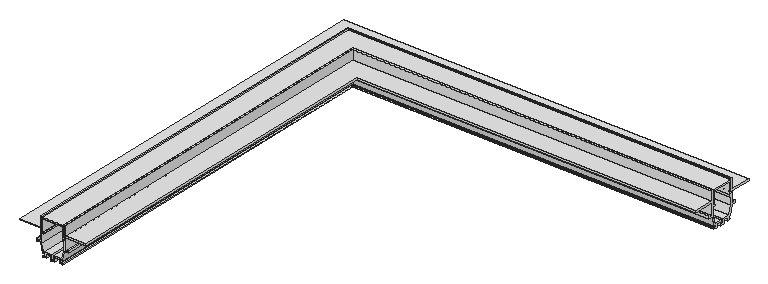
Revit family "ARKOSLIGHT_Bright Line Corner One Plane", category Lighting Fixtures, host Face, Revit 2019
Family settings
  Host = Face
  Round Connector Dimension = Use Diameter
  Part Type = Normal
  Cut with Voids When Loaded = No
  Light Source = No
  Shared = No
  Room Calculation Point = No
Parameters (values of type "A3030071W - BRIGHT LINE CORNER 90º ONE PLANE A POL 3000K W")
  URL = "https://www.arkoslight.com/en/product/bline-es/bline2-es/"
  Model = ARKOSLIGHT_Model  # "BRIGHT LINE"
  Manufacturer = "ARKOSLIGHT"  # constant formula
  IES2 = IES2 : A3030071W - BRIGHT LINE CORNER 90º ONE PLANE A POL 3000K W
  IES1 = IES1 : A3030071W - BRIGHT LINE CORNER 90º ONE PLANE A POL 3000K W
  ARKOSLIGHT_Wattage = 14 W
  ARKOSLIGHT_IP = "20"
  ARKOSLIGHT_Series = "BRIGHT LINE"  # constant formula
  ARKOSLIGHT_Dimming = "No Dim | DALI | Push"
  ARKOSLIGHT_Model = "BRIGHT LINE"  # constant formula
  ARKOSLIGHT_Reference = "A3030071W"
  ARKOSLIGHT_Luminous flux = 1230 lm
  ARKOSLIGHT_IES = "A3030021 BRIGHT LINE 500 3000K CRI90.ies"
  ARKOSLIGHT_Color = "Matt white"
  ARKOSLIGHT_Fixture Type = "CUSTOM SYSTEMS"  # constant formula
  ARKOSLIGHT_Efficiency = "43%"
  ARKOSLIGHT_CCT = 3000 K
  ARKOSLIGHT_CRI = "CRI>90"
  ARKOSLIGHT_Beam Angle = 110.00°
  Default Elevation = 0 mm
  Apparent Load = ARKOSLIGHT_Apparent Load  # 11.5 VA
  ARKOSLIGHT_Apparent Load = 11.5 VA
Types (4, lengths in mm): name | IES2 | IES1 | ARKOSLIGHT_Reference | ARKOSLIGHT_Luminous flux | ARKOSLIGHT_IES | ARKOSLIGHT_CCT
  A3030071W - BRIGHT LINE CORNER 90º ONE PLANE A POL 3000K W | IES2 : A3030071W - BRIGHT LINE CORNER 90º ONE PLANE A POL 3000K W | IES1 : A3030071W - BRIGHT LINE CORNER 90º ONE PLANE A POL 3000K W | "A3030071W" | 1230 lm | "A3030021 BRIGHT LINE 500 3000K CRI90.ies" | 3000 K
  A3030072W - BRIGHT LINE CORNER 90º ONE PLANE A POL 4000K W | IES2 : A3030072W - BRIGHT LINE CORNER 90º ONE PLANE A POL 4000K W | IES1 : A3030072W - BRIGHT LINE CORNER 90º ONE PLANE A POL 4000K W | "A3030072W" | 1250 lm | "A3030022 BRIGHT LINE 500 4000K CRI90.ies" | 4000 K
  A3030081W - BRIGHT LINE CORNER 90º ONE PLANE B POL 3000K W | IES2 : A3030081W - BRIGHT LINE CORNER 90º ONE PLANE B POL 3000K W | IES1 : A3030081W - BRIGHT LINE CORNER 90º ONE PLANE B POL 3000K W | "A3030081W" | 1230 lm | "A3030021 BRIGHT LINE 500 3000K CRI90.ies" | 3000 K
  A3030082W - BRIGHT LINE CORNER 90º ONE PLANE B POL 4000K W | IES2 : A3030082W - BRIGHT LINE CORNER 90º ONE PLANE B POL 4000K W | IES1 : A3030082W - BRIGHT LINE CORNER 90º ONE PLANE B POL 4000K W | "A3030082W" | 1250 lm | "A3030022 BRIGHT LINE 500 4000K CRI90.ies" | 4000 K
Reference planes
  plane 1 "Center (Front/Back)": y = 0
  plane 2: z = 0
  plane 3 "Center (Left/Right)": x = 138.5
  plane 4: x = 402
  plane 5: x = -125
  plane 6: y = 17.099
  plane 7: y = -17.099
  plane 8: z = 0.5
  plane 9: x = -91
  plane 10: x = -108
  plane 11: y = -509.901
Forms (mm)
  Extrusion 1, void
    sketch origin (0, 0, 0) x (1, 0, 0) y (0, 1, 0)
      loop
        line (-125, 17.099) -> (-125, -509.901) -> (-91, -509.901) -> (-91, -17.099) -> (402, -17.099) -> (402, 17.099) -> (-125, 17.099)
    from 0 to -13
  Sweep 2, solid, material "ARKOSLIGHT_Textured white"
    path origin (0, 0, 0) x (1, 0, 0) y (0, 1, 0)
      loop
        line (402, 0) -> (-108, 0) -> (-108, -509.901)
    profile origin (147, 0, 0) x (0, -1, 0) y (0, 0, 1)
      loop
        line (-17.099, 0.5) -> (-17.099, -12.513) -> (-45.002, -12.513) -> (-45.002, -14.515) -> (-17.099, -14.515) -> (-17.099, -30.3) -> (-20.624, -30.3) -> (-20.624, -28.322) -> (-22.12, -28.322) -> (-22.12, -31.803) -> (-16.569, -31.803) -> (-13.584, -44.013) -> (-10.805, -44.013) -> (-10.805, -47.517) -> (-13.587, -47.517) -> (-13.587, -48.501) -> (-9.292, -48.501) -> (-9.292, -44.013) -> (-2.819, -44.013) -> (-2.819, -49.528) -> (2.819, -49.528) -> (2.819, -44.013) -> (9.292, -44.013) -> (9.292, -48.501) -> (13.587, -48.501) -> (13.587, -47.517) -> (10.805, -47.517) -> (10.805, -44.013) -> (13.584, -44.013) -> (16.569, -31.803) -> (22.12, -31.803) -> (22.12, -28.322) -> (20.624, -28.322) -> (20.624, -30.3) -> (17.099, -30.3) -> (17.099, -14.515) -> (45.002, -14.515) -> (45.002, -12.513) -> (17.099, -12.513) -> (17.099, 0.5) -> (15.097, 0.5) -> (15.097, -14.532) -> (16.208, -15.288) -> (15.097, -17.476) -> (15.097, -18.617) -> (13.253, -18.617) -> (13.253, -20.127) -> (15.097, -20.127) -> (15.097, -31.505) -> (12.407, -42.513) -> (1.319, -42.513) -> (1.319, -48.028) -> (-1.319, -48.028) -> (-1.319, -42.513) -> (-12.407, -42.513) -> (-15.097, -31.505) -> (-15.097, -20.127) -> (-13.253, -20.127) -> (-13.253, -18.617) -> (-15.097, -18.617) -> (-15.097, -17.476) -> (-16.208, -15.288) -> (-15.097, -14.532) -> (-15.097, 0.5) -> (-17.099, 0.5)
  Sweep 3, solid, material "ARKOSLIGHT_Light"
    path origin (0, 0, 0) x (1, 0, 0) y (0, 1, 0)
      loop
        line (402, 0) -> (-108, 0) -> (-108, -509.901)
    profile origin (147, 0, 0) x (0, -1, 0) y (0, 0, 1)
      loop
        line (14.895, 0.011) -> (-14.895, 0.011) -> (-14.895, -14.482) -> (-16.079, -15.288) -> (-14.711, -17.983) -> (-13.693, -17.983) -> (-13.693, -1.98) -> (13.693, -1.98) -> (13.693, -17.983) -> (14.711, -17.983) -> (16.079, -15.288) -> (14.895, -14.482) -> (14.895, 0.011)
Lines and regions (mm)
  Masking region 1
    outline origin (0, 0, 0) x (1, 0, 0) y (0, 1, 0)
      loop
        line (-125, 17.099) -> (-125, -509.901) -> (-91, -509.901) -> (-91, -17.099) -> (402, -17.099) -> (402, 17.099) -> (-125, 17.099)
  symbolic lines
    curve 1: line (-123.097, 15.097, 0) -> (402, 15.097, 0)
    curve 2: line (402, -15.097, 0) -> (-92.903, -15.097, 0)
    curve 3: line (-92.903, -509.901, 0) -> (-92.903, -15.097, 0)
    curve 4: line (-123.097, -509.901, 0) -> (-123.097, 15.097, 0)
Dimensions and locks
  locked: plane 5 to plane 4 at 527
  equal spacing: plane 6, plane 1 "Center (Front/Back)", plane 7
  locked: plane 6 to plane 7 at 34.199
  equal spacing: plane 5, plane 3 "Center (Left/Right)", plane 4
  locked: plane 8 to plane 2 at 0.5
  equal spacing: plane 5, plane 10, plane 9
  locked: plane 5 to plane 9 at 34
  locked: plane 6 to plane 11 at 527
  aligned and locked: plane 2 to host face
  aligned and locked: level to host face
  aligned and locked: Extrusion 1 sketch curve to plane 6
  aligned and locked: plane 5 to Extrusion 1 sketch curve
  aligned and locked: Extrusion 1 sketch curve to plane 7
  aligned and locked: plane 4 to Extrusion 1 sketch curve
  aligned and locked: plane 4 to curve 1
  aligned and locked: plane 4 to curve 2
  aligned and locked: plane 4 to Sweep 2 sketch curve
  aligned and locked: Sweep 2 sketch curve to plane 1 "Center (Front/Back)"
  aligned and locked: Sweep 2 sketch curve to plane 10
  aligned and locked: Extrusion 1 sketch curve to plane 11
  aligned and locked: plane 9 to Extrusion 1 sketch curve
  aligned and locked: plane 11 to Sweep 2 sketch curve
  aligned and locked: Sweep 3 sketch curve to plane 1 "Center (Front/Back)"
  aligned and locked: plane 10 to Sweep 3 sketch curve
  aligned and locked: plane 11 to Sweep 3 sketch curve
  aligned and locked: plane 4 to Sweep 3 sketch curve
  aligned and locked: Masking region 1 sketch curve to plane 11
  aligned and locked: plane 9 to Masking region 1 sketch curve
  aligned and locked: curve 3 to Sweep 2
  aligned and locked: curve 4 to Sweep 2
  aligned and locked: plane 11 to curve 4
  aligned and locked: plane 11 to curve 3
Automatic sketch dimensions
  host sketch curve to host sketch curve = 1110.118 mm
  host sketch curve to host sketch curve = 871.399 mm
  Sweep 2 sketch curve to level = 14.515 mm
  profile plane to Sweep 2 sketch curve = 45.002 mm
  profile plane to Sweep 2 sketch curve = 22.12 mm
  Sweep 2 sketch curve to Sweep 2 sketch curve = 1.496 mm  (x2)
  Sweep 2 sketch curve to Sweep 2 sketch curve = 3.525 mm  (x2)
  Sweep 2 sketch curve to Sweep 2 sketch curve = 0 mm  (x4)
  Sweep 2 sketch curve to Sweep 2 sketch curve = 0.531 mm
  Sweep 2 sketch curve to Sweep 2 sketch curve = 0.892 mm  (x2)
  Sweep 2 sketch curve to Sweep 2 sketch curve = 1.111 mm  (x3)
  profile plane to Sweep 2 sketch curve = 13.587 mm
  Sweep 2 sketch curve to Sweep 2 sketch curve = 0.003 mm
  Sweep 2 sketch curve to Sweep 2 sketch curve = 1.844 mm  (x3)
  Sweep 2 sketch curve to Sweep 2 sketch curve = 1.178 mm  (x2)
  Sweep 2 sketch curve to Sweep 2 sketch curve = 1.601 mm  (x2)
  Sweep 2 sketch curve to Sweep 2 sketch curve = 1.514 mm  (x2)
  profile plane to Sweep 2 sketch curve = 2.819 mm
  profile plane to Sweep 2 sketch curve = 1.319 mm
  Sweep 2 sketch curve to profile plane = 1.319 mm
  Sweep 2 sketch curve to Sweep 2 sketch curve = 1.5 mm  (x5)
  Sweep 2 sketch curve to Sweep 2 sketch curve = 6.472 mm
  Sweep 2 sketch curve to profile plane = 13.253 mm
  Sweep 2 sketch curve to Sweep 2 sketch curve = 2.782 mm
  level to Sweep 2 sketch curve = 0.5 mm  (x2)
  Sweep 2 sketch curve to profile plane = 15.097 mm
  Sweep 2 sketch curve to Sweep 2 sketch curve = 1.471 mm
  Sweep 2 sketch curve to Sweep 2 sketch curve = 2.002 mm  (x3)
  Sweep 2 sketch curve to Sweep 2 sketch curve = 22.881 mm
  Sweep 2 sketch curve to Sweep 2 sketch curve = 0.017 mm
  Sweep 2 sketch curve to level = 14.532 mm
  Sweep 2 sketch curve to Sweep 2 sketch curve = 0.773 mm  (x2)
  Sweep 2 sketch curve to Sweep 2 sketch curve = 0.756 mm
  Sweep 2 sketch curve to Sweep 2 sketch curve = 2.188 mm  (x2)
  Sweep 2 sketch curve to Sweep 2 sketch curve = 1.142 mm  (x2)
  Sweep 2 sketch curve to Sweep 2 sketch curve = 1.51 mm  (x2)
  Sweep 2 sketch curve to Sweep 2 sketch curve = 8.196 mm  (x2)
  Sweep 2 sketch curve to Sweep 2 sketch curve = 1.978 mm  (x2)
  Sweep 2 sketch curve to Sweep 2 sketch curve = 1.205 mm  (x2)
  Sweep 2 sketch curve to Sweep 2 sketch curve = 1.503 mm
  Sweep 2 sketch curve to Sweep 2 sketch curve = 0.298 mm
  Sweep 2 sketch curve to Sweep 2 sketch curve = 11.008 mm
  Sweep 2 sketch curve to Sweep 2 sketch curve = 3.503 mm  (x2)
  Sweep 2 sketch curve to Sweep 2 sketch curve = 4.015 mm
  Sweep 2 sketch curve to Sweep 2 sketch curve = 0.984 mm  (x2)
  Masking region 1 sketch curve to plane 4 = 0 mm
  Masking region 1 sketch curve to plane 7 = 0 mm
  Masking region 1 sketch curve to plane 6 = 0 mm
  profile plane to Sweep 3 sketch curve = 16.079 mm
  Sweep 3 sketch curve to Sweep 3 sketch curve = 1.184 mm  (x2)
  Sweep 3 sketch curve to Sweep 3 sketch curve = 1.368 mm
  Sweep 3 sketch curve to level = 1.98 mm
  Sweep 3 sketch curve to Sweep 3 sketch curve = 1.201 mm  (x2)
  Sweep 3 sketch curve to profile plane = 13.693 mm
  Sweep 3 sketch curve to Sweep 3 sketch curve = 1.017 mm
  Sweep 3 sketch curve to level = 14.482 mm  (x2)
  Sweep 3 sketch curve to Sweep 3 sketch curve = 0.806 mm  (x2)
  Sweep 3 sketch curve to Sweep 3 sketch curve = 2.695 mm  (x2)
  Sweep 3 sketch curve to Sweep 3 sketch curve = 1.992 mm
  Masking region 1 sketch curve to plane 5 = 0 mm
  plane 7 to curve 3 = 2.002 mm
  curve 1 to plane 6 = 2.002 mm
Nested families
  nested 1: "IES1" at (293.05, -0.097, 0.5) x (-1, 0, 0) z (0, 0, 1), type <- "IES1", type "A3030071W - BRIGHT LINE CORNER 90º ONE PLANE A POL 3000K W"
  nested 2: "IES2" at (-107.903, -108.901, 0.5) x (0, -1, 0) z (0, 0, 1), type <- "IES2", type "A3030071W - BRIGHT LINE CORNER 90º ONE PLANE A POL 3000K W"
Connectors
  electrical at (0, 0, 0), driven by "Apparent Load"
    settings: on host face, index 1, voltage 230 V, apparent load 0 VA, apparent load phase1 11.5 VA, apparent load phase2 0 VA, apparent load phase3 0 VA, power factor 1, load classification "Lighting", number of poles 1, system type 31, power factor state 1, is connector primary yes, connector utility no, sub classification motor no, connector description ""
Definition of nested family "IES1"
  Parameters (values of type "A3030082W - BRIGHT LINE CORNER 90º ONE PLANE B POL 4000K W")
    Wattage = 625 W
    built-in parameter 1150110 = 1 (stored number, unit not read)
    URL = "https://www.arkoslight.com/en/product/bline-es/bline2-es/"
    built-in parameter 1114217 = 1 (stored number, unit not read)
    built-in parameter 1150109 = 1 (stored number, unit not read)
    built-in parameter 1150134 = (empty or 0)
    built-in parameter 1150113 = 1 (stored number, unit not read)
    Model = ARKOSLIGHT_Model  # "BRIGHT LINE"
    Manufacturer = "ARKOSLIGHT"  # constant formula
    Light Source Symbol Size = 50 mm  # constant formula
    Emit from Rectangle Width = 30 mm  # constant formula
    Emit from Rectangle Length = 494.9 mm  # constant formula
    Emit Shape Visible in Rendering = no
    ARKOSLIGHT_Wattage = 14 W
    ARKOSLIGHT_IP = "20"
    ARKOSLIGHT_Series = "BRIGHT LINE"  # constant formula
    ARKOSLIGHT_Dimming = "No Dim | DALI | Push"
    ARKOSLIGHT_Model = "BRIGHT LINE"  # constant formula
    ARKOSLIGHT_Reference = "A3030082W"
    ARKOSLIGHT_Luminous flux = 1250 lm
    ARKOSLIGHT_IES = "A3030022 BRIGHT LINE 500 4000K CRI90.ies"
    ARKOSLIGHT_Fixture Type = "CUSTOM SYSTEMS"  # constant formula
    ARKOSLIGHT_Efficiency = "43%"
    ARKOSLIGHT_CCT = 4000 K
    ARKOSLIGHT_CRI = "CRI>90"
    ARKOSLIGHT_Beam Angle = 110.00°
    built-in parameter 1150105 = 198.94 (stored number, unit not read)
    Lumens = 625 lm
    built-in parameter 1150115 = 1 (stored number, unit not read)
    built-in parameter 1150137 = (empty or 0)
    built-in parameter 1150139 = (empty or 0)
    built-in parameter 1150112 = 1 (stored number, unit not read)
    built-in parameter 1150114 = 1 (stored number, unit not read)
    built-in parameter 1150132 = 2
    built-in parameter 1150102 = (empty or 0)
    built-in parameter 1150107 = 4000 (stored number, unit not read)
    built-in parameter 1150138 = (empty or 0)
    built-in parameter 1150106 = 1.9894 (stored number, unit not read)
    built-in parameter 1150104 = 0.092903 (stored number, unit not read)
    Dimming Lamp Color Temperature Shift = (empty or 0)
    Default Elevation = 0 mm
    Color Filter = 16777215
    built-in parameter 1114218 = 1 (stored number, unit not read)
    built-in parameter 1150133 = 10 (stored number, unit not read)
    Apparent Load = ARKOSLIGHT_Apparent Load  # 11.5 VA
    ARKOSLIGHT_Apparent Load = 11.5 VA
  Types (4, lengths in mm): name | Wattage | ARKOSLIGHT_Reference | ARKOSLIGHT_Luminous flux | ARKOSLIGHT_IES | ARKOSLIGHT_CCT | built-in parameter 1150105 | Lumens | built-in parameter 1150107 | built-in parameter 1150106
    A3030071W - BRIGHT LINE CORNER 90º ONE PLANE A POL 3000K W | 615 W | "A3030071W" | 1230 lm | "A3030021 BRIGHT LINE 500 3000K CRI90.ies" | 3000 K | 195.76 (stored number, unit not read) | 615 lm | 3000 (stored number, unit not read) | 1.9576 (stored number, unit not read)
    A3030072W - BRIGHT LINE CORNER 90º ONE PLANE A POL 4000K W | 625 W | "A3030072W" | 1250 lm | "A3030022 BRIGHT LINE 500 4000K CRI90.ies" | 4000 K | 198.94 (stored number, unit not read) | 625 lm | 4000 (stored number, unit not read) | 1.9894 (stored number, unit not read)
    A3030081W - BRIGHT LINE CORNER 90º ONE PLANE B POL 3000K W | 615 W | "A3030081W" | 1230 lm | "A3030021 BRIGHT LINE 500 3000K CRI90.ies" | 3000 K | 195.76 (stored number, unit not read) | 615 lm | 3000 (stored number, unit not read) | 1.9576 (stored number, unit not read)
    A3030082W - BRIGHT LINE CORNER 90º ONE PLANE B POL 4000K W | 625 W | "A3030082W" | 1250 lm | "A3030022 BRIGHT LINE 500 4000K CRI90.ies" | 4000 K | 198.94 (stored number, unit not read) | 625 lm | 4000 (stored number, unit not read) | 1.9894 (stored number, unit not read)
  Reference planes
    plane 1 "Center (Front/Back)": y = 0
    plane 2: z = 0
    plane 3 "Center (Left/Right)": x = 138.5
    plane 4: z = 0.5
  Forms (mm)
    Extrusion 1, solid
      sketch origin (0, 0, 0) x (1, 0, 0) y (0, 1, 0)
        loop
          line (-430.118, 317.249) -> (-430.118, -554.149) -> (680, -554.149) -> (680, 317.249) -> (-430.118, 317.249)
      from 0 to -12.5
  Dimensions and locks
    locked: plane 4 to plane 2 at 0.5
    aligned and locked: plane 2 to Extrusion 1
    aligned and locked: level to Extrusion 1
    aligned and locked: imposter light to plane 4
    aligned and locked: imposter light to plane 3 "Center (Left/Right)"
Definition of nested family "IES2"
  Parameters (values of type "A3030082W - BRIGHT LINE CORNER 90º ONE PLANE B POL 4000K W")
    Wattage = 625 W
    built-in parameter 1150110 = 1 (stored number, unit not read)
    URL = "https://www.arkoslight.com/en/product/bline-es/bline2-es/"
    built-in parameter 1114217 = 1 (stored number, unit not read)
    built-in parameter 1150109 = 1 (stored number, unit not read)
    built-in parameter 1150134 = (empty or 0)
    built-in parameter 1150113 = 1 (stored number, unit not read)
    Model = ARKOSLIGHT_Model  # "BRIGHT LINE"
    Manufacturer = "ARKOSLIGHT"  # constant formula
    Light Source Symbol Size = 50 mm  # constant formula
    Emit from Rectangle Width = 30 mm  # constant formula
    Emit from Rectangle Length = 525 mm  # constant formula
    Emit Shape Visible in Rendering = no
    ARKOSLIGHT_Wattage = 14 W
    ARKOSLIGHT_IP = "20"
    ARKOSLIGHT_Series = "BRIGHT LINE"  # constant formula
    ARKOSLIGHT_Dimming = "No Dim | DALI | Push"
    ARKOSLIGHT_Model = "BRIGHT LINE"  # constant formula
    ARKOSLIGHT_Reference = "A3030082W"
    ARKOSLIGHT_Luminous flux = 1250 lm
    ARKOSLIGHT_IES = "A3030022 BRIGHT LINE 500 4000K CRI90.ies"
    ARKOSLIGHT_Fixture Type = "CUSTOM SYSTEMS"  # constant formula
    ARKOSLIGHT_Efficiency = "43%"
    ARKOSLIGHT_CCT = 4000 K
    ARKOSLIGHT_CRI = "CRI>90"
    ARKOSLIGHT_Beam Angle = 110.00°
    built-in parameter 1150105 = 198.94 (stored number, unit not read)
    Lumens = 625 lm
    built-in parameter 1150115 = 1 (stored number, unit not read)
    built-in parameter 1150137 = (empty or 0)
    built-in parameter 1150139 = (empty or 0)
    built-in parameter 1150112 = 1 (stored number, unit not read)
    built-in parameter 1150114 = 1 (stored number, unit not read)
    built-in parameter 1150132 = 2
    built-in parameter 1150102 = (empty or 0)
    built-in parameter 1150107 = 4000 (stored number, unit not read)
    built-in parameter 1150138 = (empty or 0)
    built-in parameter 1150106 = 1.9894 (stored number, unit not read)
    built-in parameter 1150104 = 0.092903 (stored number, unit not read)
    Dimming Lamp Color Temperature Shift = (empty or 0)
    Default Elevation = 0 mm
    Color Filter = 16777215
    built-in parameter 1114218 = 1 (stored number, unit not read)
    built-in parameter 1150133 = 10 (stored number, unit not read)
    Apparent Load = ARKOSLIGHT_Apparent Load  # 11.5 VA
    ARKOSLIGHT_Apparent Load = 11.5 VA
  Types (4, lengths in mm): name | Wattage | ARKOSLIGHT_Reference | ARKOSLIGHT_Luminous flux | ARKOSLIGHT_IES | ARKOSLIGHT_CCT | built-in parameter 1150105 | Lumens | built-in parameter 1150107 | built-in parameter 1150106
    A3030071W - BRIGHT LINE CORNER 90º ONE PLANE A POL 3000K W | 615 W | "A3030071W" | 1230 lm | "A3030021 BRIGHT LINE 500 3000K CRI90.ies" | 3000 K | 195.76 (stored number, unit not read) | 615 lm | 3000 (stored number, unit not read) | 1.9576 (stored number, unit not read)
    A3030072W - BRIGHT LINE CORNER 90º ONE PLANE A POL 4000K W | 625 W | "A3030072W" | 1250 lm | "A3030022 BRIGHT LINE 500 4000K CRI90.ies" | 4000 K | 198.94 (stored number, unit not read) | 625 lm | 4000 (stored number, unit not read) | 1.9894 (stored number, unit not read)
    A3030081W - BRIGHT LINE CORNER 90º ONE PLANE B POL 3000K W | 615 W | "A3030081W" | 1230 lm | "A3030021 BRIGHT LINE 500 3000K CRI90.ies" | 3000 K | 195.76 (stored number, unit not read) | 615 lm | 3000 (stored number, unit not read) | 1.9576 (stored number, unit not read)
    A3030082W - BRIGHT LINE CORNER 90º ONE PLANE B POL 4000K W | 625 W | "A3030082W" | 1250 lm | "A3030022 BRIGHT LINE 500 4000K CRI90.ies" | 4000 K | 198.94 (stored number, unit not read) | 625 lm | 4000 (stored number, unit not read) | 1.9894 (stored number, unit not read)
  Reference planes
    plane 1 "Center (Front/Back)": y = 0
    plane 2: z = 0
    plane 3 "Center (Left/Right)": x = 138.5
    plane 4: z = 0.5
  Forms (mm)
    Extrusion 1, solid
      sketch origin (0, 0, 0) x (1, 0, 0) y (0, 1, 0)
        loop
          line (-430.118, 317.249) -> (-430.118, -554.149) -> (680, -554.149) -> (680, 317.249) -> (-430.118, 317.249)
      from 0 to -12.5
  Lines and regions (mm)
    symbolic lines
      curve 1: line (-124, 15, 0) -> (401, 15, 0)
  Dimensions and locks
    locked: plane 4 to plane 2 at 0.5
    aligned and locked: plane 2 to Extrusion 1
    aligned and locked: level to Extrusion 1
    aligned and locked: imposter light to plane 4
    aligned and locked: imposter light to plane 3 "Center (Left/Right)"
